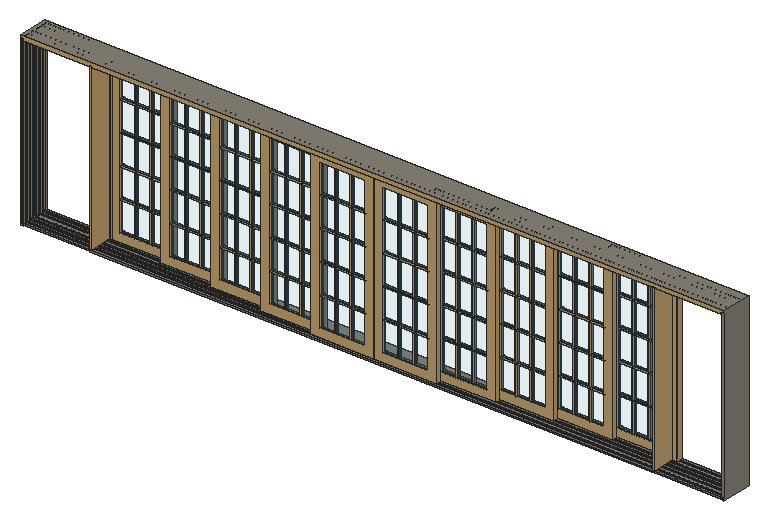
Revit family (continued)
Definition of nested family "Door_Plan_Detail"
  Definition of nested family "Jamb_Detail_Pocket"
    Lines and regions (in)
      detail lines, style "InvisibleLines", in view "Ref. Level", visible <- "Panel 3", detail levels fine
        curve 29: line (-0.25, -6.29297, 0) -> (-0.25, -5.75391, 0)
      detail lines, style "InvisibleLines", in view "Ref. Level", visible <- "Panel 4", detail levels fine
        curve 31: line (-0.25, -9.30469, 0) -> (-0.25, -8.76562, 0)
      detail lines, style "InvisibleLines", in view "Ref. Level", visible <- "Panel 5", detail levels fine
        curve 33: line (-0.25, -12.31641, 0) -> (-0.25, -11.77734, 0)
      detail lines, style "InvisibleLines", in view "Ref. Level", visible <- "Panel 6", detail levels fine
        curve 35: line (-0.25, -15.32813, 0) -> (-0.25, -14.78906, 0)
      detail lines, style "Frame Cut", in view "Ref. Level", detail levels coarse+medium
        curve 38: line (0, 1.09375, 0) -> (-1.8125, 1.09375, 0)
        curve 39: line (0, 1.09375, 0) -> (0, -18.33984, 0)
        curve 40: line (-0.25, -0.25, 0) -> (-0.25, -17.80078, 0)
        curve 41: line (-1.5, -18.33984, 0) -> (0, -18.33984, 0)
        curve 42: line (-0.25, -17.80078, 0) -> (-1.5, -17.80078, 0)
        curve 43: line (-1.5, -17.80078, 0) -> (-1.5, -18.33984, 0)
        curve 44: line (-0.25, -0.25, 0) -> (-1.8125, -0.25, 0)
        curve 45: line (-1.8125, -0.25, 0) -> (-1.8125, 1.09375, 0)
        curve 46: line (-1.5, -18.33984, 0) -> (0, -18.33984, 0)
    Dimensions and locks (in)
      "Pocket Depth": plane 11 to plane 9
      locked: curve 13 to curve 11 at 0.25
      equal spacing: plane 8, plane 7, plane 6, plane 5, plane 4, plane 1 "Center (Front/Back)"
      curve 24 to plane 4 to curve 25 = 0' - 0 69/256" locked, 0' - 0 69/256" locked
      curve 21 to plane 5 to curve 22 = 0' - 0 69/256" locked, 0' - 0 69/256" locked
      curve 18 to plane 6 to curve 19 = 0' - 0 69/256" locked, 0' - 0 69/256" locked
      curve 15 to plane 7 to curve 16 = 0' - 0 69/256" locked, 0' - 0 69/256" locked
      curve 8 to plane 8 to curve 10 = 0' - 0 69/256" locked, 0' - 0 69/256" locked
      locked: plane 1 "Center (Front/Back)" to plane 9 at 1.09375
      curve 37 to plane 10 to curve 9 = 0' - 0 69/256" locked, 0' - 0 69/256" locked
      locked: plane 10 to plane 11 at 0.78906
      aligned and locked: curve 38 to plane 9
      aligned and locked: curve 39 to plane 3 "Center (Left/Right)"
      aligned and locked: curve 40 to curve 28
      aligned and locked: curve 9 to curve 42
      aligned and locked: curve 26 to curve 40
      aligned and locked: curve 44 to curve 13
      aligned and locked: curve 45 to curve 5
    Automatic sketch dimensions
      curve 11 to plane 1 "Center (Front/Back)" = 0' - 0"
      curve 19 to plane 3 "Center (Left/Right)" = 0' - 0 1/4"
      plane 9 to curve 2 = 0' - 0.00025"
      curve 2 to plane 3 "Center (Left/Right)" = 0' - 0 27/32"
      curve 46 to curve 6 = 0' - 1 1/4"
      curve 20 to curve 21 = 0' - 1 1/4"
      curve 19 to curve 19 = 0' - 1 1/4"
      curve 23 to curve 25 = 0' - 1 1/4"
      curve 16 to curve 16 = 0' - 1 1/4"
      curve 13 to curve 3 = 0' - 0 21/32"
      curve 10 to curve 10 = 0' - 1 1/4"
      curve 4 to curve 11 = 0' - 0 5/16"
      curve 4 to plane 1 "Center (Front/Back)" = 0' - 0 13/32"
